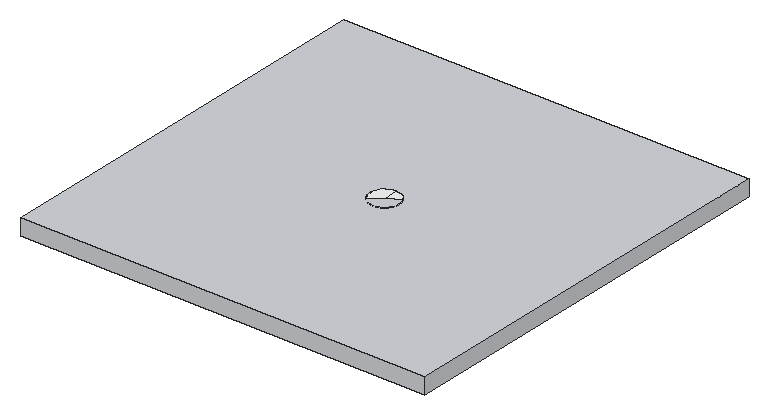
Revit family
Parameters (values of type "7" Strainer - 2" Drain")
  WFU = 0
  URL = "WWW.MIFAB.COM"
  Strainer Diameter = 7.00"
  Strainer Adjustment [instance] = 3.80859"
  Pipe Radius = Pipe Diameter / 2  # 1.00"
  Pipe Diameter = 2.00"
  Model = "F1100-C-ER"
  Manufacturer = "MIFAB"
  Floor Drain Material = Paint - Sherwin Williams Paint - #952C2A - Bellwood Red
  Description = "EXTENDED RIM FLOOR DRAIN"
  Default Elevation = 0.00"
  Chilled Water Radius = 0.25"
  Chilled Water Diameter = Chilled Water Radius * 2  # 0.50"
  CWFU = 0
  Body Height = 3.375"
  Assembly Code = ""
Types (11): name | URL | Strainer Diameter | Pipe Radius | Pipe Diameter | Body Height
  (no name) | "WWW.MIFAB.COM" | 7.00" | 1.00" | 2.00" | 3.375"
  9" Strainer - 6" Drain | "WWW.MIFAB.COM" | 9.00" | 3.00" | 6.00" | 4.75"
  9" Strainer - 5" Drain | "WWW.MIFAB.COM" | 9.00" | 2.50" | 5.00" | 3.375"
  9" Strainer - 4" Drain | "WWW.MIFAB.COM" | 9.00" | 2.00" | 4.00" | 3.375"
  9" Strainer - 3" Drain | "WWW.MIFAB.COM" | 9.00" | 1.50" | 3.00" | 3.375"
  9" Strainer - 2" Drain | "WWW.MIFAB.COM" | 9.00" | 1.00" | 2.00" | 3.375"
  7" Strainer - 2" Drain | "WWW.MIFAB.COM" | 7.00" | 1.00" | 2.00" | 3.375"
  7" Strainer - 3" Drain | "WWW.MIFAB.COM" | 7.00" | 1.50" | 3.00" | 3.375"
  7" Strainer - 4" Drain | "WWW.MIFAB.COM" | 7.00" | 2.00" | 4.00" | 3.375"
  7" Strainer - 5" Drain | "WWW.NIFAB.COM" | 7.00" | 2.50" | 5.00" | 3.375"
  7" Strainer - 6" Drain | "WWW.MIFAB.COM" | 7.00" | 3.00" | 6.00" | 4.75"
Reference planes (in)
  plane 1 "Center (Front/Back)": y = 0
  plane 2: z = 0
  plane 3 "Center (Left/Right)": x = 0
  plane 4: z = -7.18359
  plane 5: z = -3.80859
  plane 6: z = 0
  plane 7: y = -3.5
  plane 8: y = 3.5
  plane 9: y = -3.3125
  plane 10: y = -1
  plane 11: y = 1
  plane 12: y = -2.5
  plane 13: z = -3.80859
  plane 14: z = -7.18359
  plane 15: y = -4
  plane 16: y = 4
  plane 17: x = -3.39266
  plane 18: x = 3.39266
  plane 19: y = 4.39452
  plane 20: y = -4.39452
Forms (in)
  Extrusion 1, solid
    sketch origin (0, 0, 0) x (1, 0, 0) y (0, 1, 0)
      loop
        line (-48, 48) -> (-48, -48) -> (48, -48) -> (48, 48) -> (-48, 48)
    from 0 to -3.80859
  Revolve 2, solid, material "Paint - Sherwin Williams Paint - #952C2A - Bellwood Red" <- "Floor Drain Material"
    sketch origin (0, 0.04396, 0) x (0, 1, 0) y (0, 0, 1)
      loop
        line (-3.10646, -3.80859) -> (-4.04396, -3.80859) -> (-4.04396, -4.05859) -> (-3.35646, -4.05859) -> (-3.35646, -5.07714) -> (-3.23499, -5.08991) -> (-3.23499, -5.71061) -> (-1.04396, -5.80847) -> (-1.04396, -7.18359) -> (-0.79396, -7.18359) -> (-0.79396, -5.72263) -> (-3.10646, -5.56254) -> (-3.10646, -3.80859)
      axis (-0.04396, -3.80859) -> (-0.04396, -7.18359)
    angle from 0 to 360
  Revolve 3, solid, material "Paint - Sherwin Williams Paint - #952C2A - Bellwood Red" <- "Floor Drain Material"
    sketch origin (0, 0, 0) x (0, 1, 0) y (0, 0, 1)
      loop
        line (-4, -3.80859) -> (-1.67549, -3.80859) -> (-1.67549, -3.03601) -> (-1.8266, -3.03601) -> (-1.8266, -3.55859) -> (-4, -3.55859) -> (-4, -3.80859)
      axis (0, -3.03601) -> (0, -3.80859)
    angle from 0 to 360
  Revolve 4, solid, material "Paint - Sherwin Williams Paint - #952C2A - Bellwood Red" <- "Floor Drain Material"
    sketch origin (0, 0.15, 0) x (0, 1, 0) y (0, 0, 1)
      loop
        line (-1.82549, -3.55859) -> (-1.65, -3.55859) -> (-1.65, -1.36158) -> (-2.22594, -1.36158) -> (-2.22594, -1.23877) -> (-2.65567, -0.80904) -> (-3.54452, -0.80904) -> (-3.54452, -0.22031) -> (-0.15, -0.22031) -> (-0.15, 0) -> (-3.65, 0) -> (-3.65, -0.91122) -> (-2.72461, -0.91122) -> (-2.34694, -1.28889) -> (-2.34694, -1.48258) -> (-1.82549, -1.48258) -> (-1.82549, -3.55859)
      axis (-0.15, 0) -> (-0.15, -3.55859)
    angle from 0 to 360
  Revolve 5, solid, material "Paint - Sherwin Williams Paint - #952C2A - Bellwood Red" <- "Floor Drain Material"
    sketch origin (0, 0, 0) x (1, 0, 0) y (0, 0, 1)
      loop
        line (-4.4739, -4.57579) -> (-2.8927, -4.57579) -> (-2.8927, -4.23199) -> (-3.81457, -4.23199) -> (-3.90837, -4.32579) -> (-4.4739, -4.32579) -> (-4.4739, -4.57579)
      axis (-2.8927, -4.57579) -> (-4.4739, -4.57579)
    angle from 0 to 360
  Revolve 6, solid, material "Paint - Sherwin Williams Paint - #952C2A - Bellwood Red" <- "Floor Drain Material"
    sketch origin (-2.85355, 1.47772, -1) x (-0.866025, -0.5, 0) y (0, 0, 1)
      loop
        line (-3.29765, -2.32681) -> (-3.5159, -2.32681) -> (-3.5159, -2.50802) -> (-3.61941, -2.50802) -> (-3.61941, -2.55859) -> (-3.44711, -2.55859) -> (-3.44711, -3.64951) -> (-3.29765, -3.64951) -> (-3.29765, -2.32681)
      axis (-3.29765, -2.32681) -> (-3.29765, -3.64951)
    angle from 0 to 360
  Revolve 7, solid, material "Paint - Sherwin Williams Paint - #952C2A - Bellwood Red" <- "Floor Drain Material"
    sketch origin (2.70652, 1.73238, -1) x (0, 1, 0) y (0, 0, 1)
      loop
        line (-2.29765, -2.32681) -> (-2.5159, -2.32681) -> (-2.5159, -2.50802) -> (-2.61941, -2.50802) -> (-2.61941, -2.55859) -> (-2.44711, -2.55859) -> (-2.44711, -3.64951) -> (-2.29765, -3.64951) -> (-2.29765, -2.32681)
      axis (-2.29765, -2.32681) -> (-2.29765, -3.64951)
    angle from 0 to 360
  Revolve 8, solid, material "Paint - Sherwin Williams Paint - #952C2A - Bellwood Red" <- "Floor Drain Material"
    sketch origin (-2.70652, 1.73238, -1) x (0, 1, 0) y (0, 0, -1)
      loop
        line (-2.29765, 2.32681) -> (-2.29765, 3.64951) -> (-2.44711, 3.64951) -> (-2.44711, 2.55859) -> (-2.61941, 2.55859) -> (-2.61941, 2.50802) -> (-2.5159, 2.50802) -> (-2.5159, 2.32681) -> (-2.29765, 2.32681)
      axis (-2.29765, 2.32681) -> (-2.29765, 3.64951)
    angle from 0 to 360
Cuts and joins
  joined: Revolve 2, Revolve 5
Lines and regions (in)
  symbolic lines
    curve 1: circle (0, 0, 0) r 4.5 normal (0, 0, 1)
Dimensions and locks (in)
  "Body Height": plane 5 to plane 4
  "Strainer Adjustment": plane 6 to plane 5
  equal spacing: plane 8, plane 1 "Center (Front/Back)", plane 7
  "Strainer Diameter": plane 8 to plane 7
  plane 1 "Center (Front/Back)" to plane 9 = 3.3125"
  Revolve 5 sketch curve to Revolve 2 = 0.50135"
  equal spacing: plane 11, plane 1 "Center (Front/Back)", plane 10
  "Pipe Diameter": plane 11 to plane 10
  "Pipe Radius": plane 1 "Center (Front/Back)" to plane 10  (x2)
  "Strainer Adjustment": Extrusion 1 to plane 13
  "Body Height": plane 14 to plane 13
  equal spacing: plane 16, plane 1 "Center (Front/Back)", plane 15
  locked: plane 13 to Revolve 3 sketch curve at 0.25
  plane 16 to plane 15 = 8.00"
  Revolve 4 sketch curve to Revolve 4 sketch curve to Revolve 4 sketch curve to Revolve 4 sketch curve to Revolve 4 sketch curve to Revolve 4 sketch curve to Revolve 4 sketch curve to plane 7 = 0.17549", 0.40045", 0.121", 0.30874", 0.06894", 0.81991", 0.10548"
  Revolve 3 sketch curve to Revolve 3 sketch curve = 0.15111"
  Revolve 2 sketch curve to Revolve 2 sketch curve = 0.25"  (x2)
  aligned and locked: plane 2 to Extrusion 1
  aligned and locked: plane 5 to Revolve 2 sketch curve
  aligned and locked: Revolve 2 to Revolve 3 sketch curve
  aligned and locked: Revolve 4 sketch curve to plane 1 "Center (Front/Back)"
  aligned and locked: Revolve 2 sketch curve to plane 10
  aligned and locked: Extrusion 1 to plane 6
  aligned and locked: Revolve 3 to Revolve 4
  aligned and locked: Revolve 3 to Revolve 6
  aligned and locked: plane 13 to Revolve 3
  aligned and locked: Revolve 4 sketch curve to plane 7
  aligned and locked: Extrusion 1 to Revolve 4 sketch curve
  aligned and locked: plane 9 to Revolve 2 sketch curve
  aligned and locked: plane 15 to Revolve 3 sketch curve
  aligned and locked: plane 1 "Center (Front/Back)" to Revolve 4 sketch curve
  aligned and locked: Revolve 4 to Revolve 3 sketch curve
  aligned and locked: plane 15 to Revolve 2 sketch curve
Automatic sketch dimensions
  Extrusion 1 sketch curve to Extrusion 1 sketch curve = 96.00"  (x2)
  Revolve 3 sketch curve to plane 1 "Center (Front/Back)" = 0.00"
  Revolve 3 sketch curve to level = 0.00"
  Revolve 3 sketch curve to Revolve 3 sketch curve = 0.52258"
  Revolve 3 sketch curve to plane 13 = 1.72536"
  plane 13 to Revolve 5 sketch curve = 0.76719"
  Revolve 5 sketch curve to plane 3 "Center (Left/Right)" = 4.4739"
  plane 13 to Revolve 5 sketch curve = 0.51719"
  Revolve 5 sketch curve to Revolve 5 sketch curve = 0.56553"
  Revolve 5 sketch curve to Revolve 5 sketch curve = 0.09379"
  Revolve 5 sketch curve to Revolve 5 sketch curve = 0.22507"
  Revolve 5 sketch curve to Revolve 5 sketch curve = 0.7906"
  Revolve 5 sketch curve to Revolve 5 sketch curve = 0.00"  (x2)
  Revolve 5 sketch curve to Revolve 5 sketch curve = 0.34379"
  Revolve 6 sketch curve to Revolve 6 sketch curve = 0.10351"
  Revolve 6 sketch curve to Revolve 6 sketch curve = 0.06878"
  Revolve 6 sketch curve to Revolve 6 sketch curve = 0.21824"
  Revolve 6 sketch curve to Revolve 6 sketch curve = 0.00"  (x3)
  Revolve 6 sketch curve to Revolve 6 sketch curve = 0.05057"
  Revolve 6 sketch curve to Revolve 6 sketch curve = 0.18121"
  Revolve 7 sketch curve to Revolve 7 sketch curve = 0.10351"
  Revolve 7 sketch curve to Revolve 7 sketch curve = 0.06878"
  Revolve 7 sketch curve to Revolve 7 sketch curve = 0.21824"
  Revolve 7 sketch curve to Revolve 7 sketch curve = 0.00"  (x3)
  Revolve 7 sketch curve to Revolve 7 sketch curve = 0.05057"
  Revolve 7 sketch curve to Revolve 7 sketch curve = 0.18121"
  Revolve 8 sketch curve to Revolve 8 sketch curve = 0.10351"
  Revolve 8 sketch curve to Revolve 8 sketch curve = 0.06878"
  Revolve 8 sketch curve to Revolve 8 sketch curve = 0.21824"
  Revolve 8 sketch curve to Revolve 8 sketch curve = 0.00"  (x3)
  Revolve 8 sketch curve to Revolve 8 sketch curve = 0.18121"
  Revolve 8 sketch curve to Revolve 8 sketch curve = 0.05057"
  Revolve 6 sketch curve to Revolve 6 sketch curve = 1.09092"
  Revolve 7 sketch curve to Revolve 7 sketch curve = 1.09092"
  Revolve 8 sketch curve to Revolve 8 sketch curve = 1.09092"
  Revolve 4 sketch curve to level = 0.22031"
  Revolve 4 sketch curve to Revolve 4 sketch curve = 0.53509"
  Revolve 4 sketch curve to Revolve 4 sketch curve = 0.58872"
  Revolve 4 sketch curve to Revolve 4 sketch curve = 0.10218"
  Revolve 4 sketch curve to Revolve 4 sketch curve = 0.32755"
  Revolve 4 sketch curve to Revolve 4 sketch curve = 0.05012"
  Revolve 4 sketch curve to Revolve 4 sketch curve = 0.12281"
  Revolve 4 sketch curve to Revolve 4 sketch curve = 0.121"
  Revolve 4 sketch curve to plane 13 = 0.25"
  level to Revolve 4 sketch curve = 1.19115"
  Revolve 3 sketch curve to Revolve 3 sketch curve = 0.15111"
  Revolve 2 sketch curve to plane 4 = 0.00"  (x2)
  Revolve 2 sketch curve to plane 1 "Center (Front/Back)" = 0.00"
  Revolve 2 sketch curve to Revolve 2 sketch curve = 1.37512"
  Revolve 2 sketch curve to Revolve 2 sketch curve = 0.08584"
  Revolve 2 sketch curve to Revolve 2 sketch curve = 0.09786"
  Revolve 2 sketch curve to Revolve 2 sketch curve = 0.47263"
  Revolve 2 sketch curve to Revolve 2 sketch curve = 0.01277"
  Revolve 2 sketch curve to plane 5 = 0.25"  (x2)
  plane 9 to Revolve 2 sketch curve = 0.12147"
  Revolve 2 sketch curve to Revolve 2 sketch curve = 0.14807"
  Revolve 6 sketch curve to plane 13 = 0.30057"
  Revolve 7 sketch curve to plane 10 = 0.11298"
  plane 13 to Revolve 7 sketch curve = 0.84092"
  Revolve 8 sketch curve to plane 10 = 0.11298"
  Revolve 8 sketch curve to plane 13 = 0.48178"
  plane 1 "Center (Front/Back)" to curve 1 = 0.00"
  curve 1 to plane 3 "Center (Left/Right)" = 0.00"
  radius of curve 1 = 4.50"
Connectors (in)
  piping at (-4.4739, 0, -4.57579), driven by "CWFU", driven by "Chilled Water Radius"
    settings: on Revolve 5, index 1, connector radius 1/4", flow factor 0, pipe flow 0 GPM, pressure drop 0.00 psi, fitting loss kfactor 0, connector angle 0.00°, fixture units 0, flow configuration 3, flow direction 1, fitting loss method 0, system type 20, connector reference index -1, connector utility 0, adjustable connector no, is connector primary yes, fitting loss table "", connector description "Domestic Cold Water In"
  piping at (0, 0, -7.18359), driven by "Pipe Radius", driven by "WFU"
    settings: on Revolve 2, index 2, connector radius 1", flow factor 0, pipe flow 0 GPM, pressure drop 0.00 psi, fitting loss kfactor 0, connector angle 0.00°, fixture units 0, flow configuration 3, flow direction 2, fitting loss method 0, system type 16, connector reference index -1, connector utility 0, adjustable connector no, is connector primary no, fitting loss table "", connector description "Sanitary Out"
